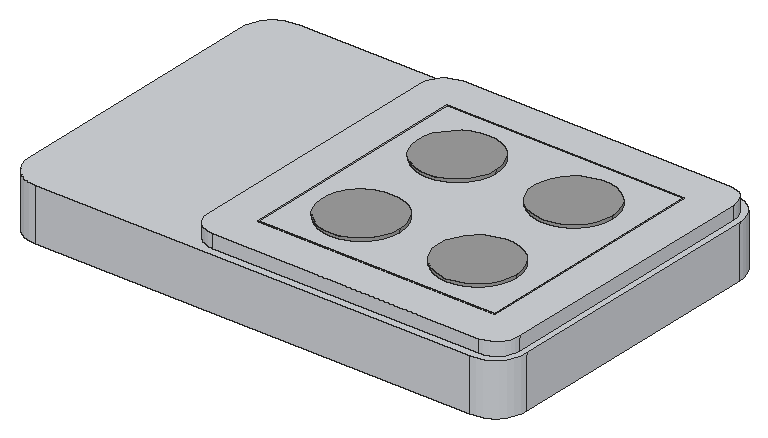
Revit family "Lighting-Industrial-GEWISS-SMART[4]ATEX_HIGHBAYS-LED_1M", category Apparecchi per illuminazione, Revit 2019
Family settings
  Quota connettore circolare = Usa diametro
  Tipo di parte = Normale
  Numero OmniClass = 23.80.00.00
  Titolo OmniClass = Electric Power and Lighting
  Basato su piano di lavoro = Sì
  Sempre verticale = No
  Taglio con vuoti quando caricato = No
  Sorgente d'illuminazione = No
  Condiviso = No
  Punto di calcolo locali = No
Parameters (values of type "GWS4120FP857 - SMART4LB 1M ST.AL.ON/OFF ATEX 90° 57K")
  Wiring = "Single wiring with anti-breathing cable exiting metallic PG (NO Connector)"
  Weight (kg): = "3,5"
  Warranty = "5 years"
  Voltaggio = 230 V
  Vetro acceso = Lampada accesa
  Version file RFA = "20.11"
  Unique digital code (Datamatrix) = "Datamatrix"
  Unified Glare Rating = "UGR - 25"
  URL = "https://www.gewiss.com/ww/en"
  Type of light source = "LED - Not replaceable"
  Tilt- = "With bracket accessory"
  Technical sheet = "https://www.gewiss.com/ww/en/search?q=GWS4120FP857"
  System power = "64W"
  Supply voltage = "220 - 240 V"
  Stocking temperature = "-40 +70 °C"
  Standards and approvals = "-"
  Standard- = "EN 60079-0 ; EN 60079-15 ; EN 60079-31 ; EN 60598-1 ; EN 60598-2-1"
  Standard Deviation Colour Matching = "SDCM = 3"
  Spostamento_Y_etichetta [instance] = 0 mm
  Spostamento_Y_effettivo_etichetta [instance] = 1500 mm - Spostamento_Y_etichetta  # 1500 mm
  Spostamento_X_etichetta [instance] = 0 mm
  Spostamento_X_effettivo_etichetta [instance] = 1500 mm - Spostamento_X_etichetta  # 1500 mm
  Shock resistance = "IK08"
  Shield type = "Tempered glass Thickness 4mm"
  Realized by GEWISS S.p.A. = ""
  Rated frequency (Hz) = "50/60 Hz"
  Produttore = "GEWISS S.p.A."
  Photobiological Risk Class = "RG0"
  Overvoltage protection = "DM 6 kV / CM 10 kV"
  Optic and illuminating features = "-"
  Optic Maintenance = "Non-replaceable"
  Optic : = "Metallic PC reflector and PMMA lenses"
  Optic = "90°"
  Operating temperature : = "+5°C / +40 °C"
  Offset etichetta W [instance] = 120 mm
  Mouting and installation = "Ceiling - Wallmounting - Suspension"
  Modello = "GWS4120FP857"
  Maximum surface exposed to the wind : = "0,097 m²"
  Materials = "-"
  Luminaire = "LED Industrial Reflector "
  Lumen output (lm) = "9100"
  Locking Hook = "-"
  Lifetime = "L90B10 (Tq+25°C) = 100.000 h - L90B10 (Tq+40°C) = 50.000 h"
  Lampada = "LED"
  LED Maintenance = "Non-replaceable"
  Insulation class = "I"
  Installationa and maintenance = "-"
  Immagine tipo = GWL1071.jpg
  IPEA = "-"
  IP degree = "IP66"
  IFC.TypeObject = ""
  IFC.ExportType = ""
  IFC.ExportAs = ""
  IDT = "b95782d405ee4ca1a3b4b3dc6b47d217"
  IDF = "2a3fb045-3361-4e3b-8c6c-ee987c541a88"
  Glow Wire Test : = "850 °C"
  General information = "-"
  Gasket = "anti-aging silicone"
  Fixing = "-"
  External screw = "Stainless steel"
  Etichetta wattaggio [instance] = yes
  Default Elevation = 1219.2 mm
  Trasformatore = none
  Spessore plafoniera = 40 mm  # constant formula
  Proiettsmart [instance] = yes
  Raggio led = 30 mm  # constant formula
  Plafoniera = none
  Eletrical and lighting features = "-"
  Electrocod = "2444"
  Efficiency (lm/W) = "142"
  Driver Box = "Built-in"
  Driver = "Included"
  Device with reduced surface temperature = "Yes"
  Description = "SMART[4]LB 1M ST.AL.ON/OFF ATEX 90° 57K"
  DIN 18032-3 certification = "-"
  Control System : = "ON / OFF"
  Control System = "ON / OFF"
  Context = "Logistics and industrial manufacturing lighting"
  Commenti sul wattaggio = "50W"
  Colour temperature = "5700K"
  Colour : = "Grey RAL 7035"
  Colour = "Grey RAL 7035"
  Color Rendering Index = "CRI-80"
  Classificazione = Lighting
  Classification: = "ATEX: II 3 G Ex nR IIC T6 Gc - II 3 D Ex tc IIIC T65°C Dc"
  Catalogue = "LIGHTING"
  Carico apparente = 50 VA
  Motore = none
  Lunghezza = 383 mm  # constant formula
  Larghezza = 253 mm  # constant formula
  Distanza tot_plafoniera = 74 mm  # constant formula
  Dettaglio bidimensionale attivo [instance] = not(Proiettsmart)  # no
  COBie.Tagnumber = ""
  COBie.CreatedOn = ""
  COBie.CreatebBy = ""
  COBie.ComponentRegisterItemID = ""
  COBie.Component.TagNumber = ""
  COBie.Component.Space = ""
  COBie.Component.SerialNumber = ""
  COBie.Component.InstallationDate = ""
  COBie.Component.Description = ""
  COBie.Component.BarCode = ""
  Body = "PA6 \"Halogen Free\" loaded fibreglass"
  Application = "Internal"
Types (8, lengths in mm): name | Unified Glare Rating | Technical sheet | Optic : | Optic | Modello | Lumen output (lm) | IDT | Efficiency (lm/W) | Description | Colour temperature
  GWS4120FA840 - SMART4LB 1M ST.AL.ON/OFF ATEX ARR.40K | "-" | "https://www.gewiss.com/ww/en/search?q=GWS4120FA840" | "Metallized polycarbonate reflector" | "Array" | "GWS4120FA840" | "8900" | "69070630deb94fb3b4f068582279c8b7" | "139" | "SMART[4]LB 1M ST.AL.ON/OFF ATEX ARR.40K" | "4000K"
  GWS4120FA857 - SMART4LB 1M ST.AL.ON/OFF ATEX ARR.57K | "-" | "https://www.gewiss.com/ww/en/search?q=GWS4120FA857" | "Metallized polycarbonate reflector" | "Array" | "GWS4120FA857" | "8900" | "c49f7efa430d40b6a3292866e0f7e549" | "139" | "SMART[4]LB 1M ST.AL.ON/OFF ATEX ARR.57K" | "5700K"
  GWS4120FC840 - SMART4LB 1M ST.AL.ON/OFF ATEX ASI.40K | "-" | "https://www.gewiss.com/ww/en/search?q=GWS4120FC840" | "Metallic PC reflector and PMMA lenses" | "Asymmetrical" | "GWS4120FC840" | "8100" | "db90bf54f8844b90a39a2cda6c833907" | "127" | "SMART[4]LB 1M ST.AL.ON/OFF ATEX ASI.40K" | "4000K"
  GWS4120FC857 - SMART4LB 1M ST.AL.ON/OFF ATEX ASI.57K | "-" | "https://www.gewiss.com/ww/en/search?q=GWS4120FC857" | "Metallic PC reflector and PMMA lenses" | "Asymmetrical" | "GWS4120FC857" | "8100" | "d60f3049486340dab08db8c3e0418ebf" | "127" | "SMART[4]LB 1M ST.AL.ON/OFF ATEX ASI.57K" | "5700K"
  GWS4120FH840 - SMART4LB 1M ST.AL.ON/OFF ATEX 60° 40K | "UGR - 25" | "https://www.gewiss.com/ww/en/search?q=GWS4120FH840" | "Metallic PC reflector and PMMA lenses" | "60°" | "GWS4120FH840" | "9000" | "8ea916fe10134204a80d036faaa4efa6" | "141" | "SMART[4]LB 1M ST.AL.ON/OFF ATEX 60° 40K" | "4000K"
  GWS4120FH857 - SMART4LB 1M ST.AL.ON/OFF ATEX 60° 57K | "UGR - 25" | "https://www.gewiss.com/ww/en/search?q=GWS4120FH857" | "Metallic PC reflector and PMMA lenses" | "60°" | "GWS4120FH857" | "9000" | "5ff35ddfc0c04b4c9ae3a7d07e6419b0" | "141" | "SMART[4]LB 1M ST.AL.ON/OFF ATEX 60° 57K" | "5700K"
  GWS4120FP840 - SMART4LB 1M ST.AL.ON/OFF ATEX 90° 40K | "UGR - 25" | "https://www.gewiss.com/ww/en/search?q=GWS4120FP840" | "Metallic PC reflector and PMMA lenses" | "90°" | "GWS4120FP840" | "9100" | "cc487a92588d4206a9d1952d4b2c42d6" | "142" | "SMART[4]LB 1M ST.AL.ON/OFF ATEX 90° 40K" | "4000K"
  GWS4120FP857 - SMART4LB 1M ST.AL.ON/OFF ATEX 90° 57K | "UGR - 25" | "https://www.gewiss.com/ww/en/search?q=GWS4120FP857" | "Metallic PC reflector and PMMA lenses" | "90°" | "GWS4120FP857" | "9100" | "b95782d405ee4ca1a3b4b3dc6b47d217" | "142" | "SMART[4]LB 1M ST.AL.ON/OFF ATEX 90° 57K" | "5700K"
Reference planes
  plane 1 "Centro (Fronte/Retro)": y = 0
  plane 2: z = 0
  plane 3 "Centro (Sinistra/Destra)": x = 0
  plane 4: x = -191.5
  plane 5: y = 126.5
  plane 6: x = 191.5
  plane 7: y = -126.5
  plane 8: z = -74
  plane 9: x = -175.5
  plane 10: y = -110.5
  plane 11: y = 110.5
  plane 12: x = -60.5
  plane 13: y = 121.5
  plane 14: x = 186.5
  plane 15: y = -120
  plane 16: z = 74
  plane 17: z = 84
  plane 18: z = 86
  plane 19: x = -1500
  plane 20: y = -1500
  plane 21: x = 0
  plane 22: y = 0
Dimensions and locks
  equal spacing: plane 5, plane 1 "Centro (Fronte/Retro)", plane 7
  equal spacing: plane 4, plane 3 "Centro (Sinistra/Destra)", plane 6
  "Lunghezza": plane 4 to plane 6
  "Larghezza": plane 5 to plane 7
  locked: plane 14 to plane 6 at 5
  locked: plane 5 to plane 13 at 5
  nested 3 to plane 8 = 133.058 mm
  locked: plane 4 to plane 9 at 16
  "Offset etichetta W": plane 1 "Centro (Fronte/Retro)" to plane 15
  "Distanza tot_plafoniera": plane 16 to level
  locked: plane 18 to plane 17 at 2
  plane 19 to plane 3 "Centro (Sinistra/Destra)" = 1500 mm
  plane 1 "Centro (Fronte/Retro)" to plane 20 = 1500 mm
  "Spostamento_Y_effettivo_etichetta": plane 22 to plane 20
  "Spostamento_X_effettivo_etichetta": plane 19 to plane 21
  aligned and locked: level to plane 2
  aligned and locked: plane 4 to nested 1
  aligned and locked: plane 6 to nested 1
  aligned and locked: plane 5 to nested 1
  aligned and locked: plane 7 to nested 1
  aligned and locked: plane 14 to nested 2
  aligned and locked: plane 1 "Centro (Fronte/Retro)" to nested 10
  aligned and locked: nested 3 to plane 2
  aligned and locked: plane 16 to nested 1
  aligned and locked: plane 1 "Centro (Fronte/Retro)" to nested 8
  aligned and locked: plane 1 "Centro (Fronte/Retro)" to nested 1
  aligned and locked: plane 1 "Centro (Fronte/Retro)" to nested 2
  aligned and locked: nested 2 to plane 16
  aligned and locked: nested 4 to plane 18
  aligned and locked: plane 18 to nested 6
  aligned and locked: nested 7 to plane 18
  aligned and locked: plane 18 to nested 5
  aligned and locked: nested 9 to plane 22
  aligned and locked: plane 21 to nested 9
Nested families
  nested 1: "Struttura_SMART[4] LB - 2+2 L" at (0, 0, 74), type "SMART Lab (4) 4L"
  nested 2: "mascherina_SMART (4)" at (66.5, 0, 84), type "Maschera_smart (4) 4L", detail levels medium+fine
  nested 3: "Staffa SMART LAB 4" at (65, -20, 59.058) x (0, 1, 0) z (0, 0, -1), type "Staffa SMART LAB 4", detail levels medium+fine
  nested 4: "Gewis - Led" at (20.25, 44.75, 86), type "Gewis - Led", detail levels fine
  nested 5: "Gewis - Led" at (109.75, 44.75, 86) x (-1, 0, 0) z (0, 0, 1), type "Gewis - Led", detail levels fine
  nested 6: "Gewis - Led" at (20.25, -47.75, 86), type "Gewis - Led", detail levels fine
  nested 7: "Gewis - Led" at (109.75, -47.75, 86) x (-1, 0, 0) z (0, 0, 1), type "Gewis - Led", detail levels fine
  nested 8: "Rappr_bidimensionale_SMART[4] LB 4L" at (40, 0, 0), visible <- "Dettaglio bidimensionale attivo", type "SMART[4] LB 4L_bidimensionalerfa"
  nested 9: "ETICHETTA LIGHT" at (0, 0, 0), visible <- "Etichetta wattaggio", type "ETICHETTA LIGHT"
  nested 10: "PROIETTSMART " at (-32.162, 0, 0), visible <- "Proiettsmart", type "PROIETTSMART "
Connectors
  electrical at (0.009, -0.098, 34), driven by "Classificazione", driven by "Carico apparente"
    settings: on nested 1, index 1, voltage 230 V, apparent load 0 VA, apparent load phase1 50 VA, apparent load phase2 0 VA, apparent load phase3 0 VA, power factor 1, load classification "Lighting", number of poles 2, system type 31, power factor state 1, is connector primary yes, connector utility no, sub classification motor no, connector description ""
Definition of nested family "Struttura_SMART[4] LB - 2+2 L"
  Parameters (values of type "SMART Lab (4) 4L")
    Struttura plafoniera = none
    Spessore_plafoniera = 40 mm
    Lunghezza = 383 mm
    Larghezza = 253 mm
  Reference planes
    plane 1 "Asse sorgente illuminazione (F/B)": y = 0
    plane 2: z = 0
    plane 3 "Asse sorgente illuminazione (L/R)": x = 0
    plane 4 "Prospetto sorgente di illuminazione": z = -40
    plane 5 "SX": x = -191.5
    plane 6 "DX": x = 191.5
    plane 7 "DIETRO": y = 126.5
    plane 8 "AVANTI": y = -126.5
    plane 9: x = -51.5
    plane 10: x = 180.5
    plane 11: y = -115.5
    plane 12: y = 115.5
    plane 13: x = -180.5
    plane 14: x = 51.5
  Forms (mm)
    Extrusion 1, solid, material <- "Struttura plafoniera"
      sketch origin (0, 0, 0) x (1, 0, 0) y (0, 1, 0)
        loop
          line (191.5, -102.095) -> (191.5, 102.09)
          arc (191.5, 102.09) -> (184.35, 119.35) -> (167.09, 126.5) r 24.41
          line (167.09, 126.5) -> (-167.009, 126.5)
          arc (-167.009, 126.5) -> (-184.554, 119.1) -> (-191.5, 101.371) r 24.499
          line (-191.5, 101.371) -> (-191.5, -102.092)
          arc (-191.5, -102.092) -> (-184.351, -119.351) -> (-167.092, -126.5) r 24.408
          line (-167.092, -126.5) -> (167.117, -126.5)
          arc (167.117, -126.5) -> (184.334, -119.368) -> (191.465, -102.152) r 24.348
      from -40 to 0
  Dimensions and locks
    equal spacing: plane 5 "SX", plane 3 "Asse sorgente illuminazione (L/R)", plane 6 "DX"
    equal spacing: plane 7 "DIETRO", plane 1 "Asse sorgente illuminazione (F/B)", plane 8 "AVANTI"
    "Lunghezza": plane 5 "SX" to plane 6 "DX"
    "Larghezza": plane 7 "DIETRO" to plane 8 "AVANTI"
    locked: plane 7 "DIETRO" to plane 12 at 11
    locked: plane 11 to plane 8 "AVANTI" at 11
    locked: plane 10 to plane 6 "DX" at 11
    locked: plane 9 to plane 10 at 232
    plane 13 to plane 14 = 232 mm
    locked: plane 5 "SX" to plane 13 at 11
    "Spessore_plafoniera": plane 2 to plane 4 "Prospetto sorgente di illuminazione"
    aligned and locked: level to plane 2
    aligned and locked: Extrusion 1 to plane 5 "SX"
    aligned and locked: Extrusion 1 to plane 8 "AVANTI"  (x2)
    aligned and locked: plane 7 "DIETRO" to Extrusion 1
    aligned and locked: plane 6 "DX" to Extrusion 1
    aligned and locked: plane 4 "Prospetto sorgente di illuminazione" to Extrusion 1
    aligned and locked: plane 2 to Extrusion 1
  Automatic sketch dimensions
    Extrusion 1 sketch curve to plane 5 "SX" = 0 mm
    Extrusion 1 sketch curve to plane 8 "AVANTI" = 0 mm
    Extrusion 1 sketch curve to plane 7 "DIETRO" = 0 mm
    Extrusion 1 sketch curve to plane 6 "DX" = 0 mm
    plane 13 to Extrusion 1 sketch curve = 13.408 mm
    plane 13 to Extrusion 1 sketch curve = 13.491 mm
    Extrusion 1 sketch curve to plane 10 = 13.41 mm
    Extrusion 1 sketch curve to plane 10 = 13.383 mm
    plane 11 to Extrusion 1 sketch curve = 13.348 mm
    Extrusion 1 sketch curve to plane 12 = 14.129 mm
    Extrusion 1 sketch curve to Extrusion 1 sketch curve = 0.056 mm
Definition of nested family "mascherina_SMART (4)"
  Parameters (values of type "Maschera_smart (4) 4L")
    Spessore_mascherina = 10 mm
    Default Elevation = 1219.2 mm
    N.intarsi = (Lunghezza_mascherina - (Bordo * 2)) / 15 mm  # 12
    N._intarsi verticale = (Larghezza_mascherina - (Bordo * 2)) / 17 mm  # 11
    Mascherina = none
    Lunghezza_mascherina = 240 mm
    Larghezza_mascherina = 240 mm
    Distanza_intarsi v. = 41 mm  # constant formula
    Distanza_intarsi = 37 mm  # constant formula
    Bordo = 29 mm
  Reference planes
    plane 1 "Centro (Fronte/Retro)": y = 0
    plane 2: z = 0
    plane 3 "Centro (Sinistra/Destra)": x = 0
    plane 4: x = -120
    plane 5 "Dietro": y = 120
    plane 6: x = 120
    plane 7: y = -120
    plane 8: x = -91
    plane 9: y = -91
    plane 10: x = 91
    plane 11: y = 91
    plane 12: x = -83
    plane 13: y = 94.742
    plane 14: y = -95
    plane 15: z = -10
    plane 16: x = -95
    plane 17: y = 79
    plane 18: y = -79
    plane 19: x = 95
    plane 20: z = -4.799
  Forms (mm)
    Extrusion 1, solid, material <- "Mascherina"
      sketch origin (0, 0, 0) x (1, 0, 0) y (0, 1, 0)
        loop
          arc (-102.5, 120) -> (-114.874, 114.874) -> (-120, 102.5) r 17.5
          line (-120, 102.5) -> (-120, -102.5)
          arc (-120, -102.5) -> (-114.874, -114.874) -> (-102.5, -120) r 17.5
          line (-102.5, -120) -> (102.5, -120)
          arc (102.5, -120) -> (114.874, -114.874) -> (120, -102.5) r 17.5
          line (120, -102.5) -> (120, 102.5)
          arc (120, 102.5) -> (114.874, 114.874) -> (102.5, 120) r 17.5
          line (102.5, 120) -> (-102.5, 120)
        loop
          line (-91, 91) -> (-91, -91) -> (91, -91) -> (91, 91) -> (-91, 91)
      from -10 to 0
    Extrusion 2, solid, material <- "Mascherina"
      sketch origin (0, 0, 0) x (1, 0, 0) y (0, 1, 0)
        loop
          line (-91, 91) -> (-91, -91) -> (91, -91) -> (91, 91) -> (-91, 91)
      from -4.799 to 0
  Dimensions and locks
    equal spacing: plane 4, plane 3 "Centro (Sinistra/Destra)", plane 6
    "Lunghezza_mascherina": plane 4 to plane 6
    equal spacing: plane 5 "Dietro", plane 1 "Centro (Fronte/Retro)", plane 7
    "Larghezza_mascherina": plane 5 "Dietro" to plane 7
    "Bordo": plane 4 to plane 8
    "Bordo": plane 9 to plane 7
    "Bordo": plane 5 "Dietro" to plane 11
    "Bordo": plane 10 to plane 6
    "Distanza_intarsi": plane 4 to plane 12
    locked: plane 13 to plane 11 at 3.742
    "Spessore_mascherina": plane 2 to plane 15
    "Distanza_intarsi v.": plane 5 "Dietro" to plane 17
    "Distanza_intarsi v.": plane 18 to plane 7
    locked: plane 9 to plane 14 at 4
    locked: plane 16 to plane 8 at 4
    locked: plane 10 to plane 19 at 4
    locked: plane 2 to plane 20 at 4.799
    radius of Extrusion 1 sketch curve = 17.5 mm  (x4)
    aligned and locked: level to plane 2
    aligned and locked: plane 4 to Extrusion 1 sketch curve
    aligned and locked: plane 6 to Extrusion 1 sketch curve
    aligned and locked: Extrusion 1 sketch curve to plane 5 "Dietro"
    aligned and locked: Extrusion 1 sketch curve to plane 7
    aligned and locked: Extrusion 1 sketch curve to plane 11
    aligned and locked: plane 8 to Extrusion 1 sketch curve
    aligned and locked: plane 9 to Extrusion 1 sketch curve
    aligned and locked: Extrusion 1 sketch curve to plane 10
    aligned and locked: plane 2 to Extrusion 1
    aligned and locked: Extrusion 1 to plane 15
    aligned and locked: Extrusion 2 sketch curve to plane 10
    aligned and locked: plane 9 to Extrusion 2 sketch curve
    aligned and locked: plane 8 to Extrusion 2 sketch curve
    aligned and locked: Extrusion 2 sketch curve to plane 11
    aligned and locked: plane 2 to Extrusion 2
    aligned and locked: Extrusion 2 to plane 20
Definition of nested family "Staffa SMART LAB 4"
  Parameters (values of type "Staffa SMART LAB 4")
    Staffa = none
    Default Elevation = 1219.2 mm
  Reference planes
    plane 1 "Centro (Fronte/Retro)": y = 0
    plane 2: z = 0
    plane 3 "Centro (Sinistra/Destra)": x = 0
    plane 4: y = 25
    plane 5: y = -25
    plane 6: x = -480
    plane 7: x = 480
    plane 8: z = 340
  Forms (mm)
    Extrusion 1, solid, material <- "Staffa"
      sketch origin (-19.427, 0, 0) x (1, 0, 0) y (0, 0, 1)
        loop
          line (-52.112, 0) -> (-51.312, 0) -> (-51.312, 5.038) -> (-51.312, 7.679) -> (-48.064, 11.553) -> (-48.309, 20.832)
          arc (-48.309, 20.832) -> (-48.108, 21.384) -> (-47.585, 21.651) r 0.801
          line (-47.585, 21.651) -> (-46.541, 21.744)
          arc (-46.541, 21.744) -> (-45.388, 22.346) -> (-44.998, 23.587) r 1.701
          line (-44.998, 23.587) -> (-45.225, 26.168) -> (-47.881, 28.39) -> (-47.881, 32.971) -> (-23.475, 58.058) -> (62.329, 58.058) -> (86.735, 32.971) -> (86.735, 28.39) -> (84.08, 26.168) -> (83.852, 23.587)
          arc (83.852, 23.587) -> (84.243, 22.346) -> (85.396, 21.744) r 1.701
          line (85.396, 21.744) -> (86.439, 21.651)
          arc (86.439, 21.651) -> (86.963, 21.384) -> (87.163, 20.832) r 0.801
          line (87.163, 20.832) -> (86.919, 11.553) -> (90.167, 7.679) -> (90.167, 5.038) -> (90.167, 0) -> (90.967, 0) -> (90.967, 5.038) -> (90.967, 7.979) -> (87.921, 11.618) -> (88.163, 20.806)
          arc (88.163, 20.806) -> (87.71, 22.048) -> (86.531, 22.647) r 1.801
          line (86.531, 22.647) -> (85.484, 22.74)
          arc (85.484, 22.74) -> (85.009, 22.988) -> (84.849, 23.499) r 0.701
          line (84.849, 23.499) -> (85.039, 25.667) -> (87.735, 27.923) -> (87.735, 32.876) -> (86.947, 34.187) -> (62.751, 59.058) -> (-23.897, 59.058) -> (-48.093, 34.187) -> (-48.881, 32.876) -> (-48.881, 27.923) -> (-46.185, 25.667) -> (-45.994, 23.499)
          arc (-45.994, 23.499) -> (-46.155, 22.988) -> (-46.63, 22.74) r 0.701
          line (-46.63, 22.74) -> (-47.676, 22.647)
          arc (-47.676, 22.647) -> (-48.856, 22.048) -> (-49.308, 20.806) r 1.801
          line (-49.308, 20.806) -> (-49.066, 11.618) -> (-52.112, 7.979) -> (-52.112, 5.038) -> (-52.112, 0)
      from -25 to 25
  Dimensions and locks
    equal spacing: plane 6, plane 3 "Centro (Sinistra/Destra)", plane 7
    equal spacing: plane 4, plane 1 "Centro (Fronte/Retro)", plane 5
    plane 4 to plane 5 = 50 mm
    plane 6 to plane 7 = 960 mm
    aligned and locked: level to plane 2
    aligned and locked: plane 4 to Extrusion 1
    aligned and locked: Extrusion 1 to plane 5
  Automatic sketch dimensions
    Extrusion 1 sketch curve to Extrusion 1 sketch curve = 0 mm  (x10)
    Extrusion 1 sketch curve to level = 0 mm  (x2)
    level to Extrusion 1 sketch curve = 5.038 mm
    Extrusion 1 sketch curve to plane 3 "Centro (Sinistra/Destra)" = 71.54 mm
    Extrusion 1 sketch curve to Extrusion 1 sketch curve = 0.8 mm  (x2)
    level to Extrusion 1 sketch curve = 20.806 mm  (x2)
    Extrusion 1 sketch curve to Extrusion 1 sketch curve = 2.804 mm
    level to Extrusion 1 sketch curve = 11.618 mm  (x2)
    Extrusion 1 sketch curve to Extrusion 1 sketch curve = 2.246 mm  (x2)
    Extrusion 1 sketch curve to Extrusion 1 sketch curve = 0.428 mm
    level to Extrusion 1 sketch curve = 20.832 mm  (x2)
    Extrusion 1 sketch curve to Extrusion 1 sketch curve = 1 mm  (x4)
    Extrusion 1 sketch curve to Extrusion 1 sketch curve = 0.788 mm
    level to Extrusion 1 sketch curve = 11.553 mm  (x2)
    Extrusion 1 sketch curve to Extrusion 1 sketch curve = 1.002 mm  (x2)
    level to Extrusion 1 sketch curve = 22.647 mm  (x2)
    Extrusion 1 sketch curve to Extrusion 1 sketch curve = 0.632 mm
    level to Extrusion 1 sketch curve = 21.651 mm  (x2)
    Extrusion 1 sketch curve to Extrusion 1 sketch curve = 0.092 mm  (x2)
    Extrusion 1 sketch curve to Extrusion 1 sketch curve = 0.984 mm
    level to Extrusion 1 sketch curve = 22.74 mm  (x2)
    Extrusion 1 sketch curve to Extrusion 1 sketch curve = 0.062 mm
    level to Extrusion 1 sketch curve = 21.744 mm  (x2)
    Extrusion 1 sketch curve to Extrusion 1 sketch curve = 0.088 mm
    Extrusion 1 sketch curve to Extrusion 1 sketch curve = 0.507 mm
    level to Extrusion 1 sketch curve = 23.499 mm  (x2)
    Extrusion 1 sketch curve to Extrusion 1 sketch curve = 0.698 mm  (x2)
    Extrusion 1 sketch curve to Extrusion 1 sketch curve = 0.96 mm  (x2)
    level to Extrusion 1 sketch curve = 23.587 mm  (x2)
    Extrusion 1 sketch curve to plane 3 "Centro (Sinistra/Destra)" = 43.324 mm
    Extrusion 1 sketch curve to Extrusion 1 sketch curve = 0.422 mm  (x2)
    plane 3 "Centro (Sinistra/Destra)" to Extrusion 1 sketch curve = 42.902 mm
    Extrusion 1 sketch curve to Extrusion 1 sketch curve = 21.523 mm
    level to Extrusion 1 sketch curve = 26.168 mm
    Extrusion 1 sketch curve to Extrusion 1 sketch curve = 0.227 mm
    Extrusion 1 sketch curve to Extrusion 1 sketch curve = 0.996 mm
    level to Extrusion 1 sketch curve = 25.667 mm
    Extrusion 1 sketch curve to Extrusion 1 sketch curve = 0.548 mm
    Extrusion 1 sketch curve to Extrusion 1 sketch curve = 0.966 mm
    Extrusion 1 sketch curve to Extrusion 1 sketch curve = 0.077 mm
    level to Extrusion 1 sketch curve = 28.39 mm
    Extrusion 1 sketch curve to Extrusion 1 sketch curve = 1.696 mm
    Extrusion 1 sketch curve to Extrusion 1 sketch curve = 0.557 mm
    level to Extrusion 1 sketch curve = 34.187 mm
    Extrusion 1 sketch curve to Extrusion 1 sketch curve = 0.212 mm
    Extrusion 1 sketch curve to Extrusion 1 sketch curve = 0.801 mm
    level to Extrusion 1 sketch curve = 7.679 mm
    Extrusion 1 sketch curve to Extrusion 1 sketch curve = 2.641 mm  (x2)
    Extrusion 1 sketch curve to Extrusion 1 sketch curve = 0.3 mm  (x2)
    Extrusion 1 sketch curve to Extrusion 1 sketch curve = 2.168 mm
    Extrusion 1 sketch curve to Extrusion 1 sketch curve = 0.501 mm
    Extrusion 1 sketch curve to Extrusion 1 sketch curve = 0.467 mm  (x2)
    Extrusion 1 sketch curve to Extrusion 1 sketch curve = 2.256 mm
    Extrusion 1 sketch curve to Extrusion 1 sketch curve = 4.486 mm
    Extrusion 1 sketch curve to Extrusion 1 sketch curve = 1.311 mm
    Extrusion 1 sketch curve to Extrusion 1 sketch curve = 0.095 mm  (x2)
    Extrusion 1 sketch curve to Extrusion 1 sketch curve = 1.216 mm
    Extrusion 1 sketch curve to Extrusion 1 sketch curve = 23.87 mm
Definition of nested family "Gewis - Led"
  Parameters (values of type "Gewis - Led")
    Vetro = none
    Raggio led = 30 mm
    Default Elevation = 1219.2 mm
    Estensione vetro = 3 mm
  Reference planes
    plane 1 "Centro (Fronte/Retro)": y = 0
    plane 2: z = 0
    plane 3 "Centro (Sinistra/Destra)": x = 0
  Forms (mm)
    Extrusion 1, solid, material <- "Vetro"
      sketch origin (0, 0, 0) x (1, 0, 0) y (0, 1, 0)
        loop
          circle (0, 0) r 30
      from -3 to 0
  Dimensions and locks
    "Estensione vetro": level to Extrusion 1
    "Raggio led": radius of Extrusion 1 sketch curve
    aligned and locked: level to plane 2
    aligned and locked: level to Extrusion 1
  Automatic sketch dimensions
    plane 1 "Centro (Fronte/Retro)" to Extrusion 1 sketch curve = 0 mm
    Extrusion 1 sketch curve to plane 3 "Centro (Sinistra/Destra)" = 0 mm
Definition of nested family "Rappr_bidimensionale_SMART[4] LB 4L"
  Reference planes
    plane 1 "Centro (Fronte/Retro)": y = 0
    plane 2: z = 0
    plane 3 "Centro (Sinistra/Destra)": x = 0
  Lines and regions (mm)
    model lines, in view "Livello rif."
      curve 1: circle (-20.568, 47.057, 0) r 28.619 normal (0, 0, 1)
      curve 2: circle (73.432, -46.943, 0) r 28.619 normal (0, 0, 1)
      curve 3: circle (-20.568, -46.943, 0) r 28.619 normal (0, 0, 1)
      curve 4: circle (73.432, 47.057, 0) r 28.619 normal (0, 0, 1)
      curve 5: arc (-93.068, -104.009, 0) -> (-88.529, -114.969, 0) -> (-77.568, -119.509, 0) r 15.5
      curve 6: arc (145.932, 103.991, 0) -> (141.392, 114.952, 0) -> (130.432, 119.491, 0) r 15.5
      curve 7: arc (-77.568, 119.491, 0) -> (-88.529, 114.952, 0) -> (-93.068, 103.991, 0) r 15.5
      curve 8: arc (130.432, -119.509, 0) -> (141.392, -114.969, 0) -> (145.932, -104.009, 0) r 15.5
      curve 9: arc (152.721, 103.991, 0) -> (146.196, 119.749, 0) -> (130.441, 126.281, 0) r 22.29
      curve 10: arc (130.443, -126.298, 0) -> (146.197, -119.766, 0) -> (152.721, -104.009, 0) r 22.29
      curve 11: arc (-230.358, -108, 0) -> (-225, -120.942, 0) -> (-212.058, -126.298, 0) r 18.29
      curve 12: arc (-212.077, 126.281, 0) -> (-225.001, 120.924, 0) -> (-230.358, 108, 0) r 18.29
      curve 13: line (-66.068, -92.509, 0) -> (-66.068, 92.491, 0)
      curve 14: line (-66.068, 92.491, 0) -> (118.932, 92.491, 0)
      curve 15: line (118.932, 92.491, 0) -> (118.932, -92.509, 0)
      curve 16: line (118.932, -92.509, 0) -> (-66.068, -92.509, 0)
      curve 17: line (-77.568, -119.509, 0) -> (130.432, -119.509, 0)
      curve 18: line (-77.568, 119.491, 0) -> (130.432, 119.491, 0)
      curve 19: line (-93.068, 103.991, 0) -> (-93.068, -104.009, 0)
      curve 20: line (145.932, 103.991, 0) -> (145.932, -104.009, 0)
      curve 21: line (-212.077, 126.281, 0) -> (130.441, 126.281, 0)
      curve 22: line (152.721, 103.991, 0) -> (152.721, -104.009, 0)
      curve 23: line (130.443, -126.298, 0) -> (-212.058, -126.298, 0)
      curve 24: line (-230.358, -108, 0) -> (-230.358, 108, 0)
Definition of nested family "ETICHETTA LIGHT"
  Parameters (values of type "ETICHETTA LIGHT")
    COMMENTI = "53W"
  Reference planes
    plane 1: y = 0
    plane 2: x = 0
  Text (mm)
    label "COMMENTI" at (-0.057, 0.105, 0), shows "COMMENTI"
Definition of nested family "PROIETTSMART "
  Reference planes
    plane 1 "Centro (Fronte/Retro)": y = 0
    plane 2: z = 0
    plane 3 "Centro (Sinistra/Destra)": x = 0
  Lines and regions (mm)
    model lines, in view "Livello rif."
      curve 1: line (120.593, -21.515, 0) -> (77.393, -0.008, 0)
      curve 2: line (77.393, -0.008, 0) -> (120.593, 21.758, 0)
      curve 3: line (120.593, 21.758, 0) -> (120.593, -21.515, 0)
      curve 4: line (77.393, 21.629, 0) -> (77.393, -21.645, 0)
      curve 5: line (77.393, -0.008, 0) -> (52.133, -0.008, 0)
      curve 6: line (120.593, 0.122, 0) -> (139.246, 0.122, 0)
      curve 7: line (162.162, 66.747, 0) -> (162.162, -66.747, 0)
      curve 8: line (162.162, -66.747, 0) -> (-97.838, -66.747, 0)
      curve 9: line (-97.838, -66.747, 0) -> (-97.838, 66.747, 0)
      curve 10: line (-97.838, 66.747, 0) -> (162.162, 66.747, 0)
      curve 11: line (45.772, 49.667, 0) -> (145.121, 49.667, 0)
      curve 12: line (145.121, 49.667, 0) -> (145.121, -49.683, 0)
      curve 13: line (145.121, -49.683, 0) -> (45.772, -49.683, 0)
      curve 14: line (45.772, -49.683, 0) -> (45.772, 49.667, 0)
